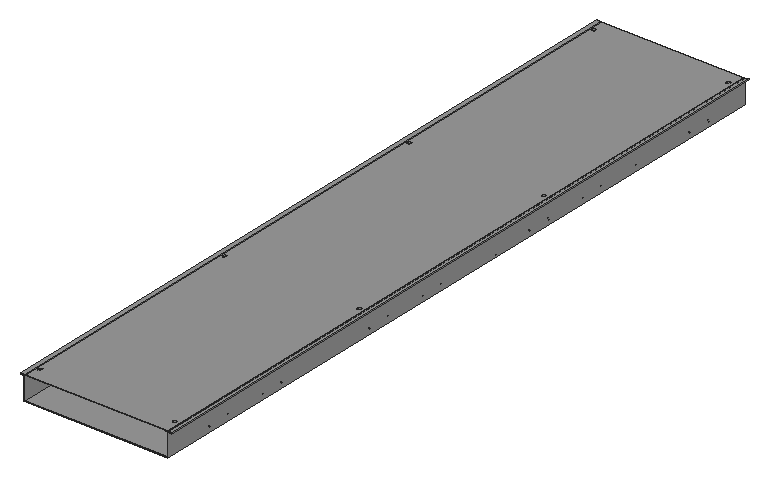
Revit family "Kanaleinheit Estrichbündig- OKB-FK 400", category Generic Models, Revit 2017 (continued)
Dimensions and locks
  locked: Extrusion 35 sketch curve to Extrusion 35 sketch curve at 30
  locked: Extrusion 35 sketch curve to Extrusion 35 sketch curve at 1  (x2)
  locked: Extrusion 36 sketch curve to Extrusion 36 sketch curve at 30
  locked: Extrusion 36 sketch curve to Extrusion 36 sketch curve at 1  (x2)
  locked: Extrusion 37 sketch curve to Extrusion 37 sketch curve at 30
  locked: Extrusion 37 sketch curve to Extrusion 37 sketch curve at 1  (x2)
  locked: Extrusion 38 sketch curve to Extrusion 38 sketch curve at 30
  locked: Extrusion 38 sketch curve to Extrusion 38 sketch curve at 1  (x2)
  locked: Extrusion 39 sketch curve to Extrusion 39 sketch curve at 30
  locked: Extrusion 39 sketch curve to Extrusion 39 sketch curve at 1  (x2)
  locked: Extrusion 40 sketch curve to Extrusion 40 sketch curve at 30
  locked: Extrusion 40 sketch curve to Extrusion 40 sketch curve at 1  (x2)
  locked: Extrusion 41 sketch curve to Extrusion 41 sketch curve at 30
  locked: Extrusion 41 sketch curve to Extrusion 41 sketch curve at 1  (x2)
  locked: Extrusion 42 sketch curve to Extrusion 42 sketch curve at 30
  locked: Extrusion 42 sketch curve to Extrusion 42 sketch curve at 1  (x2)
  locked: Extrusion 43 sketch curve to Extrusion 43 sketch curve at 30
  locked: Extrusion 43 sketch curve to Extrusion 43 sketch curve at 1  (x2)
  locked: Extrusion 44 sketch curve to Extrusion 44 sketch curve at 30
  locked: Extrusion 44 sketch curve to Extrusion 44 sketch curve at 1  (x2)
  locked: Extrusion 45 sketch curve to Extrusion 45 sketch curve at 30
  locked: Extrusion 45 sketch curve to Extrusion 45 sketch curve at 1  (x2)
  locked: Extrusion 46 sketch curve to Extrusion 46 sketch curve at 30
  locked: Extrusion 46 sketch curve to Extrusion 46 sketch curve at 1  (x2)
  locked: Extrusion 47 sketch curve to Extrusion 47 sketch curve at 30
  locked: Extrusion 47 sketch curve to Extrusion 47 sketch curve at 1  (x2)
  locked: Extrusion 48 sketch curve to Extrusion 48 sketch curve at 30
  locked: Extrusion 48 sketch curve to Extrusion 48 sketch curve at 1  (x2)
  locked: Extrusion 49 sketch curve to Extrusion 49 sketch curve at 30
  locked: Extrusion 49 sketch curve to Extrusion 49 sketch curve at 1  (x2)
  group 6 to group 7 = 0 mm  (x2)
  group 6 to group 7 = 65 mm
  locked: Extrusion 50 sketch curve to Extrusion 50 sketch curve at 30
  locked: Extrusion 50 sketch curve to Extrusion 50 sketch curve at 1  (x2)
  group 7 to group 8 = 0 mm  (x2)
  group 7 to group 8 = 120 mm
  locked: Extrusion 51 sketch curve to Extrusion 51 sketch curve at 30
  locked: Extrusion 51 sketch curve to Extrusion 51 sketch curve at 1  (x2)
  group 8 to group 9 = 0 mm  (x2)
  group 8 to group 9 = 65 mm
  locked: Extrusion 52 sketch curve to Extrusion 52 sketch curve at 30
  locked: Extrusion 52 sketch curve to Extrusion 52 sketch curve at 1  (x2)
  group 9 to group 10 = 0 mm  (x2)
  group 9 to group 10 = 120 mm
  locked: Extrusion 53 sketch curve to Extrusion 53 sketch curve at 30
  locked: Extrusion 53 sketch curve to Extrusion 53 sketch curve at 1  (x2)
  group 10 to group 11 = 0 mm  (x2)
  group 10 to group 11 = 65 mm
  locked: Extrusion 54 sketch curve to Extrusion 54 sketch curve at 30
  locked: Extrusion 54 sketch curve to Extrusion 54 sketch curve at 1  (x2)
  group 11 to group 12 = 0 mm  (x2)
  group 11 to group 12 = 120 mm
  locked: Extrusion 55 sketch curve to Extrusion 55 sketch curve at 30
  locked: Extrusion 55 sketch curve to Extrusion 55 sketch curve at 1  (x2)
  group 12 to group 13 = 0 mm  (x2)
  group 12 to group 13 = 65 mm
  locked: Extrusion 56 sketch curve to Extrusion 56 sketch curve at 30
  locked: Extrusion 56 sketch curve to Extrusion 56 sketch curve at 1  (x2)
  group 13 to group 14 = 0 mm  (x2)
  group 13 to group 14 = 120 mm
  locked: Extrusion 57 sketch curve to Extrusion 57 sketch curve at 30
  locked: Extrusion 57 sketch curve to Extrusion 57 sketch curve at 1  (x2)
  group 14 to group 15 = 0 mm  (x2)
  group 14 to group 15 = 65 mm
  locked: Extrusion 58 sketch curve to Extrusion 58 sketch curve at 30
  locked: Extrusion 58 sketch curve to Extrusion 58 sketch curve at 1  (x2)
  group 15 to group 16 = 0 mm  (x2)
  group 15 to group 16 = 120 mm
  locked: Extrusion 59 sketch curve to Extrusion 59 sketch curve at 30
  locked: Extrusion 59 sketch curve to Extrusion 59 sketch curve at 1  (x2)
  group 16 to group 17 = 0 mm  (x2)
  group 16 to group 17 = 65 mm
  locked: Extrusion 60 sketch curve to Extrusion 60 sketch curve at 30
  locked: Extrusion 60 sketch curve to Extrusion 60 sketch curve at 1  (x2)
  group 17 to group 18 = 0 mm  (x2)
  group 17 to group 18 = 120 mm
  locked: Extrusion 61 sketch curve to Extrusion 61 sketch curve at 30
  locked: Extrusion 61 sketch curve to Extrusion 61 sketch curve at 1  (x2)
  group 18 to group 19 = 0 mm  (x2)
  group 18 to group 19 = 65 mm
  locked: Extrusion 62 sketch curve to Extrusion 62 sketch curve at 30
  locked: Extrusion 62 sketch curve to Extrusion 62 sketch curve at 1  (x2)
  group 19 to group 20 = 0 mm  (x2)
  group 19 to group 20 = 120 mm
  locked: Extrusion 63 sketch curve to Extrusion 63 sketch curve at 30
  locked: Extrusion 63 sketch curve to Extrusion 63 sketch curve at 1  (x2)
  group 20 to group 21 = 0 mm  (x2)
  group 20 to group 21 = 65 mm
  locked: Extrusion 64 sketch curve to Extrusion 64 sketch curve at 30
  locked: Extrusion 64 sketch curve to Extrusion 64 sketch curve at 1  (x2)
  group 21 to group 22 = 0 mm  (x2)
  group 21 to group 22 = 120 mm
  locked: Extrusion 65 sketch curve to Extrusion 65 sketch curve at 30
  locked: Extrusion 65 sketch curve to Extrusion 65 sketch curve at 1  (x2)
  group 22 to group 23 = 0 mm  (x2)
  group 22 to group 23 = 65 mm
  locked: Extrusion 66 sketch curve to Extrusion 66 sketch curve at 30
  locked: Extrusion 66 sketch curve to Extrusion 66 sketch curve at 1  (x2)
  group 23 to group 24 = 0 mm  (x2)
  group 23 to group 24 = 120 mm
  locked: Extrusion 67 sketch curve to Extrusion 67 sketch curve at 30
  locked: Extrusion 67 sketch curve to Extrusion 67 sketch curve at 1  (x2)
  group 24 to group 25 = 0 mm  (x2)
  group 24 to group 25 = 65 mm
  locked: Extrusion 68 sketch curve to Extrusion 68 sketch curve at 30
  locked: Extrusion 68 sketch curve to Extrusion 68 sketch curve at 1  (x2)
  locked: Extrusion 69 sketch curve to Extrusion 69 sketch curve at 30
  locked: Extrusion 69 sketch curve to Extrusion 69 sketch curve at 1  (x2)
  locked: Extrusion 70 sketch curve to Extrusion 70 sketch curve at 30
  locked: Extrusion 70 sketch curve to Extrusion 70 sketch curve at 1  (x2)
  locked: Extrusion 71 sketch curve to Extrusion 71 sketch curve at 30
  locked: Extrusion 71 sketch curve to Extrusion 71 sketch curve at 1  (x2)
  locked: Extrusion 72 sketch curve to Extrusion 72 sketch curve at 30
  locked: Extrusion 72 sketch curve to Extrusion 72 sketch curve at 1  (x2)
  locked: Extrusion 73 sketch curve to Extrusion 73 sketch curve at 30
  locked: Extrusion 73 sketch curve to Extrusion 73 sketch curve at 1  (x2)
  locked: Extrusion 74 sketch curve to Extrusion 74 sketch curve at 30
  locked: Extrusion 74 sketch curve to Extrusion 74 sketch curve at 1  (x2)
  locked: Extrusion 75 sketch curve to Extrusion 75 sketch curve at 30
  locked: Extrusion 75 sketch curve to Extrusion 75 sketch curve at 1  (x2)
  locked: Extrusion 76 sketch curve to Extrusion 76 sketch curve at 30
  locked: Extrusion 76 sketch curve to Extrusion 76 sketch curve at 1  (x2)
  locked: Extrusion 77 sketch curve to Extrusion 77 sketch curve at 30
  locked: Extrusion 77 sketch curve to Extrusion 77 sketch curve at 1  (x2)
  locked: Extrusion 78 sketch curve to Extrusion 78 sketch curve at 30
  locked: Extrusion 78 sketch curve to Extrusion 78 sketch curve at 1  (x2)
  locked: Extrusion 79 sketch curve to Extrusion 79 sketch curve at 30
  locked: Extrusion 79 sketch curve to Extrusion 79 sketch curve at 1  (x2)
  locked: Extrusion 80 sketch curve to Extrusion 80 sketch curve at 30
  locked: Extrusion 80 sketch curve to Extrusion 80 sketch curve at 1  (x2)
  locked: Extrusion 81 sketch curve to Extrusion 81 sketch curve at 30
  locked: Extrusion 81 sketch curve to Extrusion 81 sketch curve at 1  (x2)
  locked: Extrusion 82 sketch curve to Extrusion 82 sketch curve at 30
  locked: Extrusion 82 sketch curve to Extrusion 82 sketch curve at 1  (x2)
  locked: Extrusion 83 sketch curve to Extrusion 83 sketch curve at 30
  locked: Extrusion 83 sketch curve to Extrusion 83 sketch curve at 1  (x2)
  locked: Extrusion 84 sketch curve to Extrusion 84 sketch curve at 30
  locked: Extrusion 84 sketch curve to Extrusion 84 sketch curve at 1  (x2)
  locked: Extrusion 85 sketch curve to Extrusion 85 sketch curve at 30
  locked: Extrusion 85 sketch curve to Extrusion 85 sketch curve at 1  (x2)
  locked: Extrusion 86 sketch curve to Extrusion 86 sketch curve at 30
  locked: Extrusion 86 sketch curve to Extrusion 86 sketch curve at 1  (x2)
  locked: Extrusion 87 sketch curve to Extrusion 87 sketch curve at 30
  locked: Extrusion 87 sketch curve to Extrusion 87 sketch curve at 1  (x2)
  aligned and locked: level to plane 2
  aligned and locked: plane 1 "Center (Front/Back)" to Extrusion 1
  aligned and locked: plane 1 "Center (Front/Back)" to Extrusion 2
  aligned and locked: Extrusion 1 to Extrusion 3
  aligned and locked: Extrusion 3 to Extrusion 1
  aligned and locked: Extrusion 1 to Extrusion 7
  aligned and locked: Extrusion 7 to Extrusion 1
  aligned and locked: plane 142 to plane 109
  aligned and locked: plane 143 to plane 142
Automatic sketch dimensions
  Extrusion 9 sketch curve to plane 36 = 0 mm
  Extrusion 9 sketch curve to Extrusion 9 sketch curve = 0 mm
  Extrusion 9 sketch curve to plane 34 = 20 mm  (x2)
  Extrusion 9 sketch curve to Extrusion 9 sketch curve = 4.977 mm
  Extrusion 7 sketch curve to Extrusion 7 sketch curve = 0 mm  (x2)
  Extrusion 7 sketch curve to plane 27 = 0 mm
  level to Extrusion 7 sketch curve = 2.995 mm  (x2)
  Extrusion 7 sketch curve to Extrusion 7 sketch curve = 4.977 mm
  Extrusion 8 sketch curve to Extrusion 8 sketch curve = 0 mm  (x2)
  Extrusion 8 sketch curve to plane 31 = 0 mm
  level to Extrusion 8 sketch curve = 2.995 mm  (x2)
  Extrusion 8 sketch curve to Extrusion 8 sketch curve = 4.977 mm
  Extrusion 10 sketch curve to Extrusion 10 sketch curve = 0 mm  (x2)
  Extrusion 10 sketch curve to plane 39 = 0 mm
  level to Extrusion 10 sketch curve = 2.995 mm  (x2)
  Extrusion 10 sketch curve to Extrusion 10 sketch curve = 4.977 mm
  Extrusion 11 sketch curve to Extrusion 11 sketch curve = 0 mm  (x2)
  Extrusion 11 sketch curve to plane 43 = 0 mm
  level to Extrusion 11 sketch curve = 2.995 mm  (x2)
  Extrusion 11 sketch curve to Extrusion 11 sketch curve = 4.977 mm
  Extrusion 12 sketch curve to Extrusion 12 sketch curve = 0 mm  (x2)
  Extrusion 12 sketch curve to plane 47 = 0 mm
  level to Extrusion 12 sketch curve = 2.995 mm  (x2)
  Extrusion 12 sketch curve to Extrusion 12 sketch curve = 4.977 mm
  Extrusion 13 sketch curve to Extrusion 13 sketch curve = 0 mm  (x2)
  Extrusion 13 sketch curve to plane 51 = 0 mm
  level to Extrusion 13 sketch curve = 2.995 mm  (x2)
  Extrusion 13 sketch curve to Extrusion 13 sketch curve = 4.977 mm
  Extrusion 14 sketch curve to Extrusion 14 sketch curve = 0 mm  (x2)
  Extrusion 14 sketch curve to plane 55 = 0 mm
  level to Extrusion 14 sketch curve = 2.995 mm  (x2)
  Extrusion 14 sketch curve to Extrusion 14 sketch curve = 4.977 mm
  Extrusion 15 sketch curve to Extrusion 15 sketch curve = 0 mm  (x2)
  Extrusion 15 sketch curve to plane 59 = 0 mm
  level to Extrusion 15 sketch curve = 2.995 mm  (x2)
  Extrusion 15 sketch curve to Extrusion 15 sketch curve = 4.977 mm
  Extrusion 16 sketch curve to Extrusion 16 sketch curve = 0 mm  (x2)
  Extrusion 16 sketch curve to plane 63 = 0 mm
  level to Extrusion 16 sketch curve = 2.995 mm  (x2)
  Extrusion 16 sketch curve to Extrusion 16 sketch curve = 4.977 mm
  Extrusion 17 sketch curve to Extrusion 17 sketch curve = 0 mm  (x2)
  Extrusion 17 sketch curve to plane 67 = 0 mm
  level to Extrusion 17 sketch curve = 2.995 mm  (x2)
  Extrusion 17 sketch curve to Extrusion 17 sketch curve = 4.977 mm
  Extrusion 18 sketch curve to Extrusion 18 sketch curve = 0 mm  (x2)
  Extrusion 18 sketch curve to plane 71 = 0 mm
  level to Extrusion 18 sketch curve = 2.995 mm  (x2)
  Extrusion 18 sketch curve to Extrusion 18 sketch curve = 4.977 mm
  Extrusion 19 sketch curve to Extrusion 19 sketch curve = 0 mm  (x2)
  Extrusion 19 sketch curve to plane 75 = 0 mm
  level to Extrusion 19 sketch curve = 2.995 mm  (x2)
  Extrusion 19 sketch curve to Extrusion 19 sketch curve = 4.977 mm
  Extrusion 20 sketch curve to Extrusion 20 sketch curve = 0 mm  (x2)
  Extrusion 20 sketch curve to plane 79 = 0 mm
  level to Extrusion 20 sketch curve = 2.995 mm  (x2)
  Extrusion 20 sketch curve to Extrusion 20 sketch curve = 4.977 mm
  Extrusion 21 sketch curve to Extrusion 21 sketch curve = 0 mm  (x2)
  Extrusion 21 sketch curve to plane 83 = 0 mm
  level to Extrusion 21 sketch curve = 2.995 mm  (x2)
  Extrusion 21 sketch curve to Extrusion 21 sketch curve = 4.977 mm
  Extrusion 22 sketch curve to Extrusion 22 sketch curve = 0 mm  (x2)
  Extrusion 22 sketch curve to plane 87 = 0 mm
  level to Extrusion 22 sketch curve = 2.995 mm  (x2)
  Extrusion 22 sketch curve to Extrusion 22 sketch curve = 4.977 mm
  Extrusion 23 sketch curve to Extrusion 23 sketch curve = 0 mm  (x2)
  Extrusion 23 sketch curve to plane 91 = 0 mm
  level to Extrusion 23 sketch curve = 2.995 mm  (x2)
  Extrusion 23 sketch curve to Extrusion 23 sketch curve = 4.977 mm
  Extrusion 24 sketch curve to Extrusion 24 sketch curve = 0 mm  (x2)
  Extrusion 24 sketch curve to plane 95 = 0 mm
  level to Extrusion 24 sketch curve = 2.995 mm  (x2)
  Extrusion 24 sketch curve to Extrusion 24 sketch curve = 4.977 mm
  Extrusion 25 sketch curve to Extrusion 25 sketch curve = 0 mm  (x2)
  Extrusion 25 sketch curve to plane 99 = 0 mm
  level to Extrusion 25 sketch curve = 2.995 mm  (x2)
  Extrusion 25 sketch curve to Extrusion 25 sketch curve = 4.977 mm
  Extrusion 26 sketch curve to Extrusion 26 sketch curve = 0 mm  (x2)
  Extrusion 26 sketch curve to plane 103 = 0 mm
  level to Extrusion 26 sketch curve = 2.995 mm  (x2)
  Extrusion 26 sketch curve to Extrusion 26 sketch curve = 4.977 mm
  Extrusion 27 sketch curve to Extrusion 27 sketch curve = 0 mm  (x2)
  Extrusion 27 sketch curve to plane 107 = 0 mm
  level to Extrusion 27 sketch curve = 2.995 mm  (x2)
  Extrusion 27 sketch curve to Extrusion 27 sketch curve = 4.977 mm
  Extrusion 28 sketch curve to Extrusion 28 sketch curve = 0 mm  (x2)
  Extrusion 28 sketch curve to plane 112 = 0 mm
  level to Extrusion 28 sketch curve = 7.971 mm
  level to Extrusion 28 sketch curve = 2.995 mm  (x2)
  Extrusion 29 sketch curve to Extrusion 29 sketch curve = 0 mm  (x2)
  Extrusion 29 sketch curve to plane 116 = 0 mm
  level to Extrusion 29 sketch curve = 7.971 mm
  level to Extrusion 29 sketch curve = 2.995 mm  (x2)
  Extrusion 30 sketch curve to Extrusion 30 sketch curve = 0 mm  (x2)
  Extrusion 30 sketch curve to plane 120 = 0 mm
  level to Extrusion 30 sketch curve = 7.971 mm
  level to Extrusion 30 sketch curve = 2.995 mm  (x2)
  Extrusion 31 sketch curve to Extrusion 31 sketch curve = 0 mm  (x2)
  Extrusion 31 sketch curve to plane 124 = 0 mm
  level to Extrusion 31 sketch curve = 7.971 mm
  level to Extrusion 31 sketch curve = 2.995 mm  (x2)
  Extrusion 32 sketch curve to Extrusion 32 sketch curve = 0 mm  (x2)
  Extrusion 32 sketch curve to plane 128 = 0 mm
  level to Extrusion 32 sketch curve = 7.971 mm
  level to Extrusion 32 sketch curve = 2.995 mm  (x2)
  Extrusion 33 sketch curve to Extrusion 33 sketch curve = 0 mm  (x2)
  Extrusion 33 sketch curve to plane 132 = 0 mm
  level to Extrusion 33 sketch curve = 7.971 mm
  level to Extrusion 33 sketch curve = 2.995 mm  (x2)
  Extrusion 34 sketch curve to Extrusion 34 sketch curve = 0 mm  (x2)
  Extrusion 34 sketch curve to plane 136 = 0 mm
  level to Extrusion 34 sketch curve = 7.971 mm
  level to Extrusion 34 sketch curve = 2.995 mm  (x2)
  Extrusion 35 sketch curve to Extrusion 35 sketch curve = 0 mm  (x2)
  Extrusion 35 sketch curve to plane 140 = 0 mm
  level to Extrusion 35 sketch curve = 7.971 mm
  level to Extrusion 35 sketch curve = 2.995 mm  (x2)
  Extrusion 36 sketch curve to Extrusion 36 sketch curve = 0 mm  (x2)
  Extrusion 36 sketch curve to plane 146 = 0 mm
  level to Extrusion 36 sketch curve = 7.971 mm
  level to Extrusion 36 sketch curve = 2.995 mm  (x2)
  Extrusion 37 sketch curve to Extrusion 37 sketch curve = 0 mm  (x2)
  Extrusion 37 sketch curve to plane 150 = 0 mm
  level to Extrusion 37 sketch curve = 7.971 mm
  level to Extrusion 37 sketch curve = 2.995 mm  (x2)
  Extrusion 38 sketch curve to Extrusion 38 sketch curve = 0 mm  (x2)
  Extrusion 38 sketch curve to plane 154 = 0 mm
  level to Extrusion 38 sketch curve = 7.971 mm
  level to Extrusion 38 sketch curve = 2.995 mm  (x2)
  Extrusion 39 sketch curve to Extrusion 39 sketch curve = 0 mm  (x2)
  Extrusion 39 sketch curve to plane 158 = 0 mm
  level to Extrusion 39 sketch curve = 7.971 mm
  level to Extrusion 39 sketch curve = 2.995 mm  (x2)
  Extrusion 40 sketch curve to Extrusion 40 sketch curve = 0 mm  (x2)
  Extrusion 40 sketch curve to plane 162 = 0 mm
  level to Extrusion 40 sketch curve = 7.971 mm
  level to Extrusion 40 sketch curve = 2.995 mm  (x2)
  Extrusion 41 sketch curve to Extrusion 41 sketch curve = 0 mm  (x2)
  Extrusion 41 sketch curve to plane 166 = 0 mm
  level to Extrusion 41 sketch curve = 7.971 mm
  level to Extrusion 41 sketch curve = 2.995 mm  (x2)
  Extrusion 42 sketch curve to Extrusion 42 sketch curve = 0 mm  (x2)
  Extrusion 42 sketch curve to plane 170 = 0 mm
  level to Extrusion 42 sketch curve = 7.971 mm
  level to Extrusion 42 sketch curve = 2.995 mm  (x2)
  Extrusion 43 sketch curve to Extrusion 43 sketch curve = 0 mm  (x2)
  Extrusion 43 sketch curve to plane 174 = 0 mm
  level to Extrusion 43 sketch curve = 7.971 mm
  level to Extrusion 43 sketch curve = 2.995 mm  (x2)
  Extrusion 44 sketch curve to Extrusion 44 sketch curve = 0 mm  (x2)
  Extrusion 44 sketch curve to plane 178 = 0 mm
  level to Extrusion 44 sketch curve = 7.971 mm
  level to Extrusion 44 sketch curve = 2.995 mm  (x2)
  Extrusion 45 sketch curve to Extrusion 45 sketch curve = 0 mm  (x2)
  Extrusion 45 sketch curve to plane 182 = 0 mm
  level to Extrusion 45 sketch curve = 7.971 mm
  level to Extrusion 45 sketch curve = 2.995 mm  (x2)
  Extrusion 46 sketch curve to Extrusion 46 sketch curve = 0 mm  (x2)
  Extrusion 46 sketch curve to plane 186 = 0 mm
  level to Extrusion 46 sketch curve = 7.971 mm
  level to Extrusion 46 sketch curve = 2.995 mm  (x2)
  Extrusion 47 sketch curve to Extrusion 47 sketch curve = 0 mm  (x2)
  Extrusion 47 sketch curve to plane 190 = 0 mm
  level to Extrusion 47 sketch curve = 7.971 mm
  level to Extrusion 47 sketch curve = 2.995 mm  (x2)
  Extrusion 48 sketch curve to Extrusion 48 sketch curve = 0 mm
  Extrusion 48 sketch curve to plane 195 = 0 mm
  plane 194 to Extrusion 48 sketch curve = 20 mm  (x2)
  Extrusion 48 sketch curve to Extrusion 48 sketch curve = 4.977 mm
  Extrusion 49 sketch curve to Extrusion 49 sketch curve = 0 mm
  Extrusion 49 sketch curve to plane 199 = 0 mm
  plane 198 to Extrusion 49 sketch curve = 20 mm  (x2)
  Extrusion 49 sketch curve to Extrusion 49 sketch curve = 4.977 mm
  Extrusion 50 sketch curve to Extrusion 50 sketch curve = 0 mm
  Extrusion 50 sketch curve to plane 203 = 0 mm
  plane 202 to Extrusion 50 sketch curve = 20 mm  (x2)
  Extrusion 50 sketch curve to Extrusion 50 sketch curve = 4.977 mm
  Extrusion 51 sketch curve to Extrusion 51 sketch curve = 0 mm
  Extrusion 51 sketch curve to plane 207 = 0 mm
  plane 206 to Extrusion 51 sketch curve = 20 mm  (x2)
  Extrusion 51 sketch curve to Extrusion 51 sketch curve = 4.977 mm
  Extrusion 52 sketch curve to Extrusion 52 sketch curve = 0 mm
  Extrusion 52 sketch curve to plane 211 = 0 mm
  plane 210 to Extrusion 52 sketch curve = 20 mm  (x2)
  Extrusion 52 sketch curve to Extrusion 52 sketch curve = 4.977 mm
  Extrusion 53 sketch curve to Extrusion 53 sketch curve = 0 mm
  Extrusion 53 sketch curve to plane 215 = 0 mm
  plane 214 to Extrusion 53 sketch curve = 20 mm  (x2)
  Extrusion 53 sketch curve to Extrusion 53 sketch curve = 4.977 mm
  Extrusion 54 sketch curve to Extrusion 54 sketch curve = 0 mm
  Extrusion 54 sketch curve to plane 219 = 0 mm
  plane 218 to Extrusion 54 sketch curve = 20 mm  (x2)
  Extrusion 54 sketch curve to Extrusion 54 sketch curve = 4.977 mm
  Extrusion 55 sketch curve to Extrusion 55 sketch curve = 0 mm
  Extrusion 55 sketch curve to plane 223 = 0 mm
  plane 222 to Extrusion 55 sketch curve = 20 mm  (x2)
  Extrusion 55 sketch curve to Extrusion 55 sketch curve = 4.977 mm
  Extrusion 56 sketch curve to Extrusion 56 sketch curve = 0 mm
  Extrusion 56 sketch curve to plane 227 = 0 mm
  plane 226 to Extrusion 56 sketch curve = 20 mm  (x2)
  Extrusion 56 sketch curve to Extrusion 56 sketch curve = 4.977 mm
  Extrusion 57 sketch curve to Extrusion 57 sketch curve = 0 mm
  Extrusion 57 sketch curve to plane 231 = 0 mm
  plane 230 to Extrusion 57 sketch curve = 20 mm  (x2)
  Extrusion 57 sketch curve to Extrusion 57 sketch curve = 4.977 mm
  Extrusion 58 sketch curve to Extrusion 58 sketch curve = 0 mm
  Extrusion 58 sketch curve to plane 235 = 0 mm
  plane 234 to Extrusion 58 sketch curve = 20 mm  (x2)
  Extrusion 58 sketch curve to Extrusion 58 sketch curve = 4.977 mm
  Extrusion 59 sketch curve to Extrusion 59 sketch curve = 0 mm
  Extrusion 59 sketch curve to plane 239 = 0 mm
  plane 238 to Extrusion 59 sketch curve = 20 mm  (x2)
  Extrusion 59 sketch curve to Extrusion 59 sketch curve = 4.977 mm
  Extrusion 60 sketch curve to Extrusion 60 sketch curve = 0 mm
  Extrusion 60 sketch curve to plane 243 = 0 mm
  plane 242 to Extrusion 60 sketch curve = 20 mm  (x2)
  Extrusion 60 sketch curve to Extrusion 60 sketch curve = 4.977 mm
  Extrusion 61 sketch curve to Extrusion 61 sketch curve = 0 mm
  Extrusion 61 sketch curve to plane 247 = 0 mm
  plane 246 to Extrusion 61 sketch curve = 20 mm  (x2)
  Extrusion 61 sketch curve to Extrusion 61 sketch curve = 4.977 mm
  Extrusion 62 sketch curve to Extrusion 62 sketch curve = 0 mm
  Extrusion 62 sketch curve to plane 251 = 0 mm
  plane 250 to Extrusion 62 sketch curve = 20 mm  (x2)
  Extrusion 62 sketch curve to Extrusion 62 sketch curve = 4.977 mm
  Extrusion 63 sketch curve to Extrusion 63 sketch curve = 0 mm
  Extrusion 63 sketch curve to plane 255 = 0 mm
  plane 254 to Extrusion 63 sketch curve = 20 mm  (x2)
  Extrusion 63 sketch curve to Extrusion 63 sketch curve = 4.977 mm
  Extrusion 64 sketch curve to Extrusion 64 sketch curve = 0 mm
  Extrusion 64 sketch curve to plane 259 = 0 mm
  plane 258 to Extrusion 64 sketch curve = 20 mm  (x2)
  Extrusion 64 sketch curve to Extrusion 64 sketch curve = 4.977 mm
  Extrusion 65 sketch curve to Extrusion 65 sketch curve = 0 mm
  Extrusion 65 sketch curve to plane 263 = 0 mm
  plane 262 to Extrusion 65 sketch curve = 20 mm  (x2)
  Extrusion 65 sketch curve to Extrusion 65 sketch curve = 4.977 mm
  Extrusion 66 sketch curve to Extrusion 66 sketch curve = 0 mm
  Extrusion 66 sketch curve to plane 267 = 0 mm
  plane 266 to Extrusion 66 sketch curve = 20 mm  (x2)
  Extrusion 66 sketch curve to Extrusion 66 sketch curve = 4.977 mm
  Extrusion 67 sketch curve to Extrusion 67 sketch curve = 0 mm
  Extrusion 67 sketch curve to plane 271 = 0 mm
  Extrusion 67 sketch curve to plane 270 = 20 mm  (x2)
  Extrusion 67 sketch curve to Extrusion 67 sketch curve = 4.977 mm
  Extrusion 68 sketch curve to Extrusion 68 sketch curve = 0 mm
  Extrusion 68 sketch curve to plane 275 = 0 mm
  plane 274 to Extrusion 68 sketch curve = 20 mm  (x2)
  Extrusion 68 sketch curve to Extrusion 68 sketch curve = 4.977 mm
  Extrusion 69 sketch curve to Extrusion 69 sketch curve = 0 mm
  Extrusion 69 sketch curve to plane 279 = 0 mm
  plane 278 to Extrusion 69 sketch curve = 20 mm  (x2)
  Extrusion 69 sketch curve to Extrusion 69 sketch curve = 4.977 mm
  Extrusion 70 sketch curve to Extrusion 70 sketch curve = 0 mm
  Extrusion 70 sketch curve to plane 283 = 0 mm
  plane 282 to Extrusion 70 sketch curve = 20 mm  (x2)
  Extrusion 70 sketch curve to Extrusion 70 sketch curve = 4.977 mm
  Extrusion 71 sketch curve to Extrusion 71 sketch curve = 0 mm
  Extrusion 71 sketch curve to plane 287 = 0 mm
  plane 286 to Extrusion 71 sketch curve = 20 mm  (x2)
  Extrusion 71 sketch curve to Extrusion 71 sketch curve = 4.977 mm
  Extrusion 72 sketch curve to Extrusion 72 sketch curve = 0 mm
  Extrusion 72 sketch curve to plane 291 = 0 mm
  plane 290 to Extrusion 72 sketch curve = 20 mm  (x2)
  Extrusion 72 sketch curve to Extrusion 72 sketch curve = 4.977 mm
  Extrusion 73 sketch curve to Extrusion 73 sketch curve = 0 mm
  Extrusion 73 sketch curve to plane 295 = 0 mm
  plane 294 to Extrusion 73 sketch curve = 20 mm  (x2)
  Extrusion 73 sketch curve to Extrusion 73 sketch curve = 4.977 mm
  Extrusion 74 sketch curve to Extrusion 74 sketch curve = 0 mm
  Extrusion 74 sketch curve to plane 299 = 0 mm
  plane 298 to Extrusion 74 sketch curve = 20 mm  (x2)
  Extrusion 74 sketch curve to Extrusion 74 sketch curve = 4.977 mm
  Extrusion 75 sketch curve to Extrusion 75 sketch curve = 0 mm
  Extrusion 75 sketch curve to plane 303 = 0 mm
  plane 302 to Extrusion 75 sketch curve = 20 mm  (x2)
  Extrusion 75 sketch curve to Extrusion 75 sketch curve = 4.977 mm
  Extrusion 76 sketch curve to Extrusion 76 sketch curve = 0 mm
  Extrusion 76 sketch curve to plane 307 = 0 mm
  plane 306 to Extrusion 76 sketch curve = 20 mm  (x2)
  Extrusion 76 sketch curve to Extrusion 76 sketch curve = 4.977 mm
  Extrusion 77 sketch curve to Extrusion 77 sketch curve = 0 mm
  Extrusion 77 sketch curve to plane 311 = 0 mm
  plane 310 to Extrusion 77 sketch curve = 20 mm  (x2)
  Extrusion 77 sketch curve to Extrusion 77 sketch curve = 4.977 mm
  Extrusion 78 sketch curve to Extrusion 78 sketch curve = 0 mm
  Extrusion 78 sketch curve to plane 315 = 0 mm
  plane 314 to Extrusion 78 sketch curve = 20 mm  (x2)
  Extrusion 78 sketch curve to Extrusion 78 sketch curve = 4.977 mm
  Extrusion 79 sketch curve to Extrusion 79 sketch curve = 0 mm
  Extrusion 79 sketch curve to plane 319 = 0 mm
  plane 318 to Extrusion 79 sketch curve = 20 mm  (x2)
  Extrusion 79 sketch curve to Extrusion 79 sketch curve = 4.977 mm
  Extrusion 80 sketch curve to Extrusion 80 sketch curve = 0 mm
  Extrusion 80 sketch curve to plane 323 = 0 mm
  plane 322 to Extrusion 80 sketch curve = 20 mm  (x2)
  Extrusion 80 sketch curve to Extrusion 80 sketch curve = 4.977 mm
  Extrusion 81 sketch curve to Extrusion 81 sketch curve = 0 mm
  Extrusion 81 sketch curve to plane 327 = 0 mm
  plane 326 to Extrusion 81 sketch curve = 20 mm  (x2)
  Extrusion 81 sketch curve to Extrusion 81 sketch curve = 4.977 mm
  Extrusion 82 sketch curve to Extrusion 82 sketch curve = 0 mm
  Extrusion 82 sketch curve to plane 331 = 0 mm
  plane 330 to Extrusion 82 sketch curve = 20 mm  (x2)
  Extrusion 82 sketch curve to Extrusion 82 sketch curve = 4.977 mm
  Extrusion 83 sketch curve to Extrusion 83 sketch curve = 0 mm
  Extrusion 83 sketch curve to plane 335 = 0 mm
  plane 334 to Extrusion 83 sketch curve = 20 mm  (x2)
  Extrusion 83 sketch curve to Extrusion 83 sketch curve = 4.977 mm
  Extrusion 84 sketch curve to Extrusion 84 sketch curve = 0 mm
  Extrusion 84 sketch curve to plane 339 = 0 mm
  plane 338 to Extrusion 84 sketch curve = 20 mm  (x2)
  Extrusion 84 sketch curve to Extrusion 84 sketch curve = 4.977 mm
  Extrusion 85 sketch curve to Extrusion 85 sketch curve = 0 mm
  Extrusion 85 sketch curve to plane 343 = 0 mm
  plane 342 to Extrusion 85 sketch curve = 20 mm  (x2)
  Extrusion 85 sketch curve to Extrusion 85 sketch curve = 4.977 mm
  Extrusion 86 sketch curve to Extrusion 86 sketch curve = 0 mm
  Extrusion 86 sketch curve to plane 347 = 0 mm
  plane 346 to Extrusion 86 sketch curve = 20 mm  (x2)
  Extrusion 86 sketch curve to Extrusion 86 sketch curve = 4.977 mm
  Extrusion 87 sketch curve to Extrusion 87 sketch curve = 0 mm
  Extrusion 87 sketch curve to plane 351 = 0 mm
  plane 350 to Extrusion 87 sketch curve = 20 mm  (x2)
  Extrusion 87 sketch curve to Extrusion 87 sketch curve = 4.977 mm
  Extrusion 1 sketch curve to plane 3 "Center (Left/Right)" = 0 mm
  level to Extrusion 1 sketch curve = 0.995 mm
  plane 3 "Center (Left/Right)" to Extrusion 2 sketch curve = 12.002 mm
  plane 109 to Extrusion 2 sketch curve = 198.022 mm
